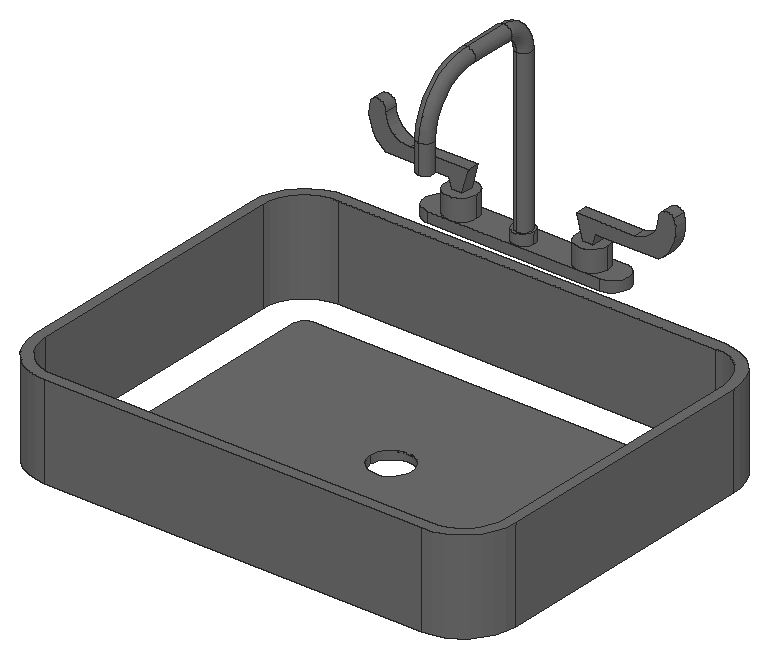
Revit family "API_MY_KITCHEN SINK_content", category Plumbing Fixtures, host Face, Revit 2025
Family settings
  Host = Face
  Round Connector Dimension = Use Diameter
  Part Type = Normal
  Enable Cutting in Views = No
  Cut with Voids When Loaded = No
  Maintain Annotation Orientation = No
  Shared = No
  Room Calculation Point = No
Parameters (values of type "MY_KITCHEN SINK_content")
  VOID_W = 1' - 11"
  VOID_D = 1' - 7.92206"
  Sink Material = Metal - Steel, Polished
  Keynote = "P-6A"
  Default Elevation = 4' - 0"
Reference planes (in)
  plane 1 "Center (Front/Back)": y = 0
  plane 2: z = 0
  plane 3 "Center (Left/Right)": x = 0
  plane 4: y = 9.96103
  plane 5: y = -9.96103
  plane 6: x = 11.5
  plane 7: x = -11.5
Forms (in)
  Extrusion 1, void
    sketch origin (0, 0, 0) x (1, 0, 0) y (0, 1, 0)
      loop
        arc (-9, 8) -> (-10.41421, 7.41421) -> (-11, 6) r 2
        line (-11, 6) -> (-11, -7)
        arc (-11, -7) -> (-10.41421, -8.41421) -> (-9, -9) r 2
        line (-9, -9) -> (9, -9)
        arc (9, -9) -> (10.41421, -8.41421) -> (11, -7) r 2
        line (11, -7) -> (11, 6)
        arc (11, 6) -> (10.41421, 7.41421) -> (9, 8) r 2
        line (9, 8) -> (-9, 8)
    from -5.18147 to 0
  Extrusion 2, solid, material "Metal - Steel, Polished" <- "Sink Material"
    sketch origin (0, 0, 0) x (1, 0, 0) y (0, 1, 0)
      loop
        arc (-9, 8) -> (-10.41421, 7.41421) -> (-11, 6) r 2
        line (-11, 6) -> (-11, -7)
        arc (-11, -7) -> (-10.41421, -8.41421) -> (-9, -9) r 2
        line (-9, -9) -> (9, -9)
        arc (9, -9) -> (10.41421, -8.41421) -> (11, -7) r 2
        line (11, -7) -> (11, 6)
        arc (11, 6) -> (10.41421, 7.41421) -> (9, 8) r 2
        line (9, 8) -> (-9, 8)
      loop
        arc (-9, 8.5) -> (-10.76777, 7.76777) -> (-11.5, 6) r 2.5
        line (-11.5, 6) -> (-11.5, -7)
        arc (-11.5, -7) -> (-10.76777, -8.76777) -> (-9, -9.5) r 2.5
        line (-9, -9.5) -> (9, -9.5)
        arc (9, -9.5) -> (10.76777, -8.76777) -> (11.5, -7) r 2.5
        line (11.5, -7) -> (11.5, 6)
        arc (11.5, 6) -> (10.76777, 7.76777) -> (9, 8.5) r 2.5
        line (9, 8.5) -> (-9, 8.5)
    from -5.01221 to -0.58103
Dimensions and locks (in)
  equal spacing: plane 7, plane 3 "Center (Left/Right)", plane 6
  equal spacing: plane 4, plane 1 "Center (Front/Back)", plane 5
  "VOID_W": plane 7 to plane 6
  "VOID_D": plane 4 to plane 5
  aligned and locked: plane 2 to host face
  aligned and locked: level to host face
  aligned and locked: plane 3 "Center (Left/Right)" to nested 1
  aligned and locked: plane 1 "Center (Front/Back)" to nested 1
  aligned and locked: nested 1 to level
Automatic sketch dimensions
  host sketch curve to host sketch curve = 8' - 0"  (x2)
  Extrusion 1 sketch curve to plane 7 = 0' - 2 1/2"
  Extrusion 1 sketch curve to plane 4 = 0' - 3.96103"
  Extrusion 1 sketch curve to plane 7 = 0' - 0 1/2"
  Extrusion 1 sketch curve to Extrusion 1 sketch curve = 0' - 2"  (x3)
  plane 6 to Extrusion 1 sketch curve = 0' - 2 1/2"
  plane 5 to Extrusion 1 sketch curve = 0' - 0.96103"
  Extrusion 2 sketch curve to plane 7 = 0' - 2 1/2"
  Extrusion 2 sketch curve to plane 4 = 0' - 3.96103"
  Extrusion 2 sketch curve to plane 7 = 0' - 0 1/2"
  plane 5 to Extrusion 2 sketch curve = 0' - 2.96103"
  Extrusion 2 sketch curve to Extrusion 2 sketch curve = 0' - 2"  (x3)
  plane 6 to Extrusion 2 sketch curve = 0' - 2 1/2"
  Extrusion 2 sketch curve to Extrusion 2 sketch curve = 0' - 0"  (x7)
  Extrusion 2 sketch curve to Extrusion 2 sketch curve = 0' - 0 1/2"
Nested families (in)
  nested 1: "USPS_Sink_Kitchen_Single" at (-0.61769, -0.09234, -36), type "25" x 21""
  nested 2: "Gooseneck_Faucet" at (-0.61769, 1.65766, -36), type "Gooseneck w/ wristblades"
Definition of nested family "USPS_Sink_Kitchen_Single"
  Parameters (values of type "25" x 21"")
    Description = "SINGLE BOWL SINK w/ GARBAGE DISPOSAL"
    Default Elevation = 0' - 0"
    Assembly Code = "D2010410"
    Counter Height = 3' - 0"
    Depth = 1' - 9"
    Faucet Material = none
    Sink Material = none
    Width = 2' - 1"
  Reference planes (in)
    plane 1 "Center (Front/Back)": y = 0.09234
    plane 2: z = 0
    plane 3 "Center (Left/Right)": x = 0.61769
    plane 4: y = 10.59234
    plane 5: y = -10.40766
    plane 6: x = -11.88231
    plane 7: x = 13.11769
    plane 8 "Top Of Counter": z = 36
    plane 9: z = 36.5
    plane 10: z = 27.5
    plane 11: y = 8.09234
    plane 12: x = -10.38231
    plane 13: y = -8.90766
    plane 14: x = 11.61769
    plane 15: z = 39
    plane 16: z = 37.5
  Forms (in)
    Extrusion 1, solid, material <- "Sink Material", not visible
      sketch origin (0, 0, 0) x (1, 0, 0) y (0, 1, 0)
        loop
          line (-11.88231, 10.59234) -> (-11.88231, -10.40766) -> (13.11769, -10.40766) -> (13.11769, 10.59234) -> (-11.88231, 10.59234)
        loop
          arc (-8.38231, 8.09234) -> (-9.79653, 7.50655) -> (-10.38231, 6.09234) r 2
          line (-10.38231, 6.09234) -> (-10.38231, -6.90766)
          arc (-10.38231, -6.90766) -> (-9.79653, -8.32187) -> (-8.38231, -8.90766) r 2
          line (-8.38231, -8.90766) -> (9.61769, -8.90766)
          arc (9.61769, -8.90766) -> (11.0319, -8.32187) -> (11.61769, -6.90766) r 2
          line (11.61769, -6.90766) -> (11.61769, 6.09234)
          arc (11.61769, 6.09234) -> (11.0319, 7.50655) -> (9.61769, 8.09234) r 2
          line (9.61769, 8.09234) -> (-8.38231, 8.09234)
      from 36 to 36.5
    Sweep 2, solid, material <- "Sink Material", not visible
      path origin (0, 0, 0) x (1, 0, 0) y (0, 1, 0)
        loop
          arc (-8.38231, 8.09234) -> (-9.79653, 7.50655) -> (-10.38231, 6.09234) r 2
          line (-10.38231, 6.09234) -> (-10.38231, -6.90766)
          arc (-10.38231, -6.90766) -> (-9.79653, -8.32187) -> (-8.38231, -8.90766) r 2
          line (-8.38231, -8.90766) -> (9.61769, -8.90766)
          arc (9.61769, -8.90766) -> (11.0319, -8.32187) -> (11.61769, -6.90766) r 2
          line (11.61769, -6.90766) -> (11.61769, 6.09234)
          arc (11.61769, 6.09234) -> (11.0319, 7.50655) -> (9.61769, 8.09234) r 2
          line (9.61769, 8.09234) -> (-8.38231, 8.09234)
      profile origin (0.61769, 0, 0) x (0, 1, 0) y (0, 0, 1)
        loop
          line (8.09234, 36) -> (7.44139, 28.55963)
          arc (7.44139, 28.55963) -> (7.20094, 28.07204) -> (6.69424, 27.875) r 0.75
          line (6.69424, 27.875) -> (6.59234, 27.875) -> (6.59234, 27.5) -> (8.34234, 27.5) -> (8.34234, 36) -> (8.09234, 36)
    Extrusion 3, solid, material <- "Sink Material"
      sketch origin (0, 0, 3) x (1, 0, 0) y (0, 1, 0)
        loop
          arc (-8.38231, 6.59234) -> (-8.73587, 6.44589) -> (-8.88231, 6.09234) r 0.5
          line (-8.88231, 6.09234) -> (-8.88231, -6.90766)
          arc (-8.88231, -6.90766) -> (-8.73587, -7.26121) -> (-8.38231, -7.40766) r 0.5
          line (-8.38231, -7.40766) -> (9.61769, -7.40766)
          arc (9.61769, -7.40766) -> (9.97124, -7.26121) -> (10.11769, -6.90766) r 0.5
          line (10.11769, -6.90766) -> (10.11769, 6.09234)
          arc (10.11769, 6.09234) -> (9.97124, 6.44589) -> (9.61769, 6.59234) r 0.5
          line (9.61769, 6.59234) -> (-8.38231, 6.59234)
        loop
          circle (0.61769, 0) r 1
      from 27.5 to 27.875
  Cuts and joins
    joined: Extrusion 1, Sweep 2
  Lines and regions (in)
    Masking region 1
      outline origin (0, 0, 36) x (0, -1, 0) y (1, 0, 0)
        loop
          line (-10.59234, -11.88231) -> (10.40766, -11.88231) -> (10.40766, 13.11769) -> (-10.59234, 13.11769) -> (-10.59234, -11.88231)
    symbolic lines
      curve 1: arc (1.61769, 0, 36) -> (0.61769, 1, 36) -> (-0.38231, 0, 36) r 1
      curve 2: arc (-0.38231, 0, 36) -> (0.61769, -1, 36) -> (1.61769, 0, 36) r 1
      curve 3: line (-10.38231, 6.09234, 36) -> (-10.38231, -6.90766, 36)
      curve 4: line (-8.38231, -8.90766, 36) -> (9.61769, -8.90766, 36)
      curve 5: line (11.61769, -6.90766, 36) -> (11.61769, 6.09234, 36)
      curve 6: line (9.61769, 8.09234, 36) -> (1.11769, 8.09234, 36)
      curve 7: arc (11.61769, 6.09234, 36) -> (11.0319, 7.50655, 36) -> (9.61769, 8.09234, 36) r 2
      curve 8: arc (9.61769, -8.90766, 36) -> (11.0319, -8.32187, 36) -> (11.61769, -6.90766, 36) r 2
      curve 9: arc (-10.38231, -6.90766, 36) -> (-9.79653, -8.32187, 36) -> (-8.38231, -8.90766, 36) r 2
      curve 10: arc (-8.38231, 8.09234, 36) -> (-9.79653, 7.50655, 36) -> (-10.38231, 6.09234, 36) r 2
      curve 11: arc (1.11769, 8.34234, 36) -> (0.61769, 8.84234, 36) -> (0.11769, 8.34234, 36) r 0.5
      curve 12: line (0.11769, 8.34234, 36) -> (0.11769, 2.09234, 36)
      curve 13: line (1.11769, 8.34234, 36) -> (1.11769, 2.09234, 36)
      curve 14: arc (1.11769, 2.09234, 36) -> (0.61769, 1.59234, 36) -> (0.11769, 2.09234, 36) r 0.5
      curve 15: line (0.11769, 8.09234, 36) -> (-8.38231, 8.09234, 36)
      curve 16: line (-10.63231, 0.09234, 36) -> (11.86769, 0.09234, 36)
      curve 17: line (-10.63231, 0.09234, 29.25) -> (-10.63231, 0.09234, 36)
      curve 18: line (11.86769, 0.09234, 29.25) -> (-10.63231, 0.09234, 29.25)
      curve 19: line (11.86769, 0.09234, 36) -> (11.86769, 0.09234, 29.25)
      curve 20: line (-11.88231, 0.09234, 36.5) -> (13.11769, 0.09234, 36.5)
      curve 21: line (-11.88231, 0.09234, 36) -> (-11.88231, 0.09234, 36.5)
      curve 22: line (13.11769, 0.09234, 36) -> (-11.88231, 0.09234, 36)
      curve 23: line (13.11769, 0.09234, 36.5) -> (13.11769, 0.09234, 36)
      curve 24: line (-1.0034, 0.09234, 28.13425) -> (2.2466, 0.09234, 28.13425)
      curve 25: line (-1.0034, 0.09234, 22.88425) -> (-1.0034, 0.09234, 28.13425)
      curve 26: line (2.2466, 0.09234, 22.88425) -> (-1.0034, 0.09234, 22.88425)
      curve 27: line (2.2466, 0.09234, 28.13425) -> (2.2466, 0.09234, 22.88425)
      curve 28: line (-1.0034, 0.09234, 28.13425) -> (-0.22214, 0.09234, 29.25)
      curve 29: line (2.23877, 0.09234, 28.13425) -> (1.45752, 0.09234, 29.25)
  Dimensions and locks (in)
    equal spacing: plane 6, plane 3 "Center (Left/Right)", plane 7
    "Width": plane 6 to plane 7
    equal spacing: plane 5, plane 1 "Center (Front/Back)", plane 4
    "Depth": plane 5 to plane 4
    "Counter Height": plane 8 "Top Of Counter" to plane 2
    locked: plane 9 to plane 8 "Top Of Counter" at 0.5
    locked: plane 8 "Top Of Counter" to plane 10 at 8.5
    locked: plane 6 to plane 12 at 1.5
    locked: plane 14 to plane 7 at 1.5
    locked: plane 11 to plane 4 at 2.5
    locked: plane 5 to plane 13 at 1.5
    locked: plane 15 to plane 9 at 2.5
    locked: plane 16 to plane 9 at 1
    aligned and locked: Extrusion 1 sketch curve to plane 5
    aligned and locked: plane 7 to Extrusion 1 sketch curve
    aligned and locked: plane 4 to Extrusion 1 sketch curve
    aligned and locked: Extrusion 1 sketch curve to plane 6
    aligned and locked: plane 8 "Top Of Counter" to Extrusion 1
    aligned and locked: Extrusion 1 to plane 9
    aligned and locked: plane 11 to Extrusion 1 sketch curve
    aligned and locked: plane 14 to Extrusion 1 sketch curve
    aligned and locked: Extrusion 1 sketch curve to plane 12
    aligned and locked: Extrusion 1 sketch curve to plane 13
    aligned and locked: plane 11 to Sweep 2 sketch curve
    aligned and locked: plane 14 to Sweep 2 sketch curve
    aligned and locked: Sweep 2 sketch curve to plane 12
    aligned and locked: Sweep 2 sketch curve to plane 13
    aligned and locked: Sweep 2 sketch curve to plane 10
    aligned and locked: plane 8 "Top Of Counter" to Sweep 2 sketch curve
    aligned and locked: plane 4 to Masking region 1 sketch curve
    aligned and locked: Masking region 1 sketch curve to plane 6
    aligned and locked: Masking region 1 sketch curve to plane 5
    aligned and locked: plane 7 to Masking region 1 sketch curve
    aligned and locked: nested 1 to plane 9
    aligned and locked: plane 3 "Center (Left/Right)" to nested 1
  Automatic sketch dimensions
    Extrusion 1 sketch curve to plane 12 = 0' - 2"
    Extrusion 1 sketch curve to Extrusion 1 sketch curve = 0' - 2"
    plane 14 to Extrusion 1 sketch curve = 0' - 2"  (x2)
    Sweep 2 sketch curve to plane 12 = 0' - 2"
    Sweep 2 sketch curve to Sweep 2 sketch curve = 0' - 2"
    plane 14 to Sweep 2 sketch curve = 0' - 2"  (x2)
    Sweep 2 sketch curve to profile plane = 0' - 0"
    profile plane to Sweep 2 sketch curve = 0' - 0.65095"
    Sweep 2 sketch curve to Sweep 2 sketch curve = 0' - 0.74715"
    Sweep 2 sketch curve to Sweep 2 sketch curve = 0' - 0.10191"
    Sweep 2 sketch curve to Sweep 2 sketch curve = 0' - 0 1/4"
    Sweep 2 sketch curve to Sweep 2 sketch curve = 0' - 0 3/8"
    Sweep 2 sketch curve to Sweep 2 sketch curve = 0' - 0.68463"
    curve 1 to curve 2 = 0' - 0"  (x2)
    curve 11 to plane 3 "Center (Left/Right)" = 0' - 0"
    plane 11 to curve 10 = 0' - 0"
    plane 11 to curve 7 = 0' - 0"
    curve 5 to plane 14 = 0' - 0"
    curve 10 to plane 12 = 0' - 0"
    curve 2 to plane 3 "Center (Left/Right)" = 0' - 0"
    plane 13 to curve 4 = 0' - 0"
    curve 12 to curve 15 = 0' - 0 1/4"
    plane 11 to curve 5 = 0' - 2"
    plane 11 to curve 10 = 0' - 2"
    plane 3 "Center (Left/Right)" to curve 13 = 0' - 0 1/2"
    curve 13 to plane 1 "Center (Front/Back)" = 0' - 2"
    plane 1 "Center (Front/Back)" to curve 2 = 0' - 0.09234"
    curve 5 to plane 13 = 0' - 2"
    curve 9 to curve 4 = 0' - 2"
    curve 1 to plane 3 "Center (Left/Right)" = 0' - 1"
    plane 6 to curve 21 = 0' - 0"
    curve 17 to plane 8 "Top Of Counter" = 0' - 0"
    plane 7 to curve 22 = 0' - 0"
    curve 22 to plane 8 "Top Of Counter" = 0' - 0"
    curve 20 to plane 9 = 0' - 0"
    plane 12 to curve 18 = 0' - 0 1/4"
    curve 25 to plane 3 "Center (Left/Right)" = 0' - 1 159/256"
    curve 27 to plane 10 = 0' - 0.63425"
    plane 3 "Center (Left/Right)" to curve 27 = 0' - 1 161/256"
    curve 19 to plane 14 = 0' - 0 1/4"
    plane 10 to curve 27 = 0' - 4.61575"
    curve 18 to plane 10 = 0' - 1 3/4"
    curve 28 to plane 3 "Center (Left/Right)" = 0' - 0 215/256"
    plane 3 "Center (Left/Right)" to curve 29 = 0' - 0 215/256"
    curve 29 to curve 24 = 0' - 0.00783"
    Extrusion 3 sketch curve to Extrusion 3 sketch curve = 0' - 0"  (x2)
    Extrusion 3 sketch curve to plane 3 "Center (Left/Right)" = 0' - 0"
    Extrusion 3 sketch curve to plane 12 = 0' - 2"  (x2)
    Extrusion 3 sketch curve to Extrusion 3 sketch curve = 0' - 0 1/2"  (x2)
    plane 14 to Extrusion 3 sketch curve = 0' - 2"  (x2)
    Extrusion 3 sketch curve to plane 13 = 0' - 1 1/2"
    plane 1 "Center (Front/Back)" to Extrusion 3 sketch curve = 0' - 0.09234"
    plane 11 to Extrusion 3 sketch curve = 0' - 2"
    Extrusion 3 sketch curve to plane 3 "Center (Left/Right)" = 0' - 1"
  Nested families (in)
    nested 1: "Gooseneck_Faucet" at (0, 1.75, 0), type "Gooseneck w/ wristblades"
  Definition of nested family "Gooseneck_Faucet"
    Parameters (values of type "Gooseneck w/ wristblades")
      Offsets = 0' - 3 1/8"
      Default Elevation = 0' - 0"
      Assembly Code = "D2010400"
      Counter Height = 3' - 0"
      Depth = 1' - 6"
      Faucet Material = none
      Width = 1' - 8"
    Reference planes (in)
      plane 1 "Center (Front/Back)": y = -1.90766
      plane 2: z = 0
      plane 3 "Center (Left/Right)": x = 0.61769
      plane 4 "Back": y = 7.09234
      plane 5 "Bottom": y = -10.90766
      plane 6 "Left": x = -9.38231
      plane 7 "Right": x = 10.61769
      plane 8 "Top Of Counter": z = 36
      plane 9: z = 36.5
      plane 10: z = 27.5
      plane 11: x = -3.38231
      plane 12: x = 4.61769
      plane 13: y = 6.15484
      plane 14: y = 6.15484
      plane 15: y = 6.15484
      plane 16: z = 46.375
      plane 17: y = 0.27984
      plane 18: z = 38
      plane 19: z = 37.5
      plane 20: y = 6.34234
      plane 21: x = -2.50731
      plane 22: x = 3.74269
      plane 23: z = 37
    Forms (in)
      Extrusion 1, solid, material <- "Faucet Material"
        sketch origin (0, -0.69129, 0) x (1, 0, 0) y (0, 1, 0)
          loop
            circle (-2.50731, 7.03363) r 0.75
          loop
            circle (3.74269, 7.03363) r 0.75
        from 37 to 38
      Sweep 2, solid, material <- "Faucet Material"
        path origin (0.61769, 0, 0) x (0, 1, 0) y (0, 0, 1)
          loop
            line (6.15484, 36.5) -> (6.15484, 45.1875)
            arc (6.15484, 45.1875) -> (5.80703, 46.02719) -> (4.96734, 46.375) r 1.1875
            line (4.96734, 46.375) -> (2.77984, 46.375)
            arc (2.77984, 46.375) -> (1.01207, 45.64277) -> (0.27984, 43.875) r 2.5
            line (0.27984, 43.875) -> (0.27984, 42.5)
        profile origin (0.61769, 0, 40.84375) x (0, -1, 0) y (1, 0, 0)
          loop
            circle (-6.15484, 0) r 0.375
      Extrusion 3, solid, material <- "Faucet Material"
        sketch origin (0, 0, 0) x (1, 0, 0) y (0, 1, 0)
          loop
            circle (0.61769, 6.15484) r 0.5
        from 37 to 37.5
      Extrusion 4, solid, material <- "Faucet Material"
        sketch origin (0, 0, 0) x (1, 0, 0) y (0, 1, 0)
          loop
            arc (-3.50731, 7.09311) -> (-4.25731, 6.34311) -> (-3.50731, 5.59311) r 0.75
            line (-3.50731, 5.59311) -> (4.72668, 5.59311)
            arc (4.72668, 5.59311) -> (5.47668, 6.34311) -> (4.72668, 7.09311) r 0.75
            line (4.72668, 7.09311) -> (-3.50731, 7.09311)
        from 37 to 36.5
      Extrusion 5, solid, material <- "Faucet Material"
        sketch origin (-3.50731, 5.59311, 37) x (0, 0, -1) y (1, 0, 0)
          loop
            line (-1, 1.25) -> (-2.09093, 1.54231) -> (-2.09093, -1.24118)
            arc (-2.09093, -1.24118) -> (-2.42431, -2.04603) -> (-3.22915, -2.37941) r 1.13823
            arc (-3.22915, -2.37941) -> (-3.6126, -2.66023) -> (-3.46058, -3.11054) r 0.40219
            arc (-3.46058, -3.11054) -> (-2.35034, -3.09258) -> (-1.48296, -2.39932) r 1.71807
            line (-1.48296, -2.39932) -> (-1.48296, 0.62059) -> (-1, 0.75) -> (-1, 1.25)
        from -1.06537 to -0.49567
      Extrusion 6, solid, material <- "Faucet Material"
        sketch origin (10.49269, 5.59311, 37) x (0, 0, -1) y (1, 0, 0)
          loop
            line (-1, -7) -> (-1, -6.5) -> (-1.48296, -6.37059) -> (-1.48296, -3.35068)
            arc (-1.48296, -3.35068) -> (-2.35034, -2.65742) -> (-3.46058, -2.63946) r 1.71807
            arc (-3.46058, -2.63946) -> (-3.6126, -3.08977) -> (-3.22915, -3.37059) r 0.40219
            arc (-3.22915, -3.37059) -> (-2.42431, -3.70397) -> (-2.09093, -4.50882) r 1.13823
            line (-2.09093, -4.50882) -> (-2.09093, -7.29231) -> (-1, -7)
        from -1.06537 to -0.49567
    Cuts and joins
      joined: Sweep 2, Extrusion 3, Extrusion 4
    Lines and regions (in)
      symbolic lines
        curve 1: arc (1.11769, 6.32853, 36) -> (0.61769, 6.82853, 36) -> (0.11769, 6.32853, 36) r 0.5
        curve 2: line (0.11769, 6.32853, 36) -> (0.11769, 0.21518, 36)
        curve 3: line (1.11769, 6.32853, 36) -> (1.11769, 0.21518, 36)
        curve 4: arc (1.11769, 0.21518, 36) -> (0.61769, -0.28482, 36) -> (0.11769, 0.21518, 36) r 0.5
        curve 5: arc (4.49269, 6.34234, 36) -> (3.74269, 7.09234, 36) -> (2.99269, 6.34234, 36) r 0.75
        curve 6: arc (4.49269, 6.34234, 36) -> (3.74269, 5.59234, 36) -> (2.99269, 6.34234, 36) r 0.75
        curve 7: arc (-1.75731, 6.34234, 36) -> (-2.50731, 7.09234, 36) -> (-3.25731, 6.34234, 36) r 0.75
        curve 8: arc (-3.25731, 6.34234, 36) -> (-2.50731, 5.59234, 36) -> (-1.75731, 6.34234, 36) r 0.75
        curve 9: line (-3.50731, 5.59234, 36) -> (0.11769, 5.59234, 36)
        curve 10: arc (4.74269, 5.59234, 36) -> (5.49269, 6.34234, 36) -> (4.74269, 7.09234, 36) r 0.75
        curve 11: arc (-3.50731, 7.09234, 36) -> (-4.25731, 6.34234, 36) -> (-3.50731, 5.59234, 36) r 0.75
        curve 12: line (4.74269, 7.09234, 36) -> (-3.50731, 7.09234, 36)
        curve 13: line (1.11769, 5.59234, 36) -> (4.74269, 5.59234, 36)
        curve 14: arc (1.36769, 6.34234, 36) -> (0.61769, 7.09234, 36) -> (-0.13231, 6.34234, 36) r 0.75
        curve 15: arc (-0.13231, 6.34234, 36) -> (0.61769, 5.59234, 36) -> (1.36769, 6.34234, 36) r 0.75
    Dimensions and locks (in)
      equal spacing: plane 6 "Left", plane 3 "Center (Left/Right)", plane 7 "Right"
      "Width": plane 6 "Left" to plane 7 "Right"
      "Depth": plane 5 "Bottom" to plane 4 "Back"
      "Counter Height": plane 8 "Top Of Counter" to plane 2
      locked: plane 9 to plane 8 "Top Of Counter" at 0.5
      locked: plane 8 "Top Of Counter" to plane 10 at 8.5
      plane 13 to plane 4 "Back" = 0' - 0 15/16"
      plane 14 to plane 4 "Back" = 0' - 0 15/16"
      plane 4 "Back" to plane 15 = 0' - 0 15/16"
      locked: plane 15 to plane 17 at 5.875
      locked: plane 16 to plane 9 at 9.875
      locked: plane 18 to plane 9 at 1.5
      locked: plane 19 to plane 9 at 1
      plane 20 to plane 4 "Back" = 0' - 0 3/4"
      "Offsets": plane 21 to plane 3 "Center (Left/Right)"
      "Offsets": plane 3 "Center (Left/Right)" to plane 22
      locked: plane 23 to plane 9 at 0.5
      equal spacing: plane 5 "Bottom", plane 1 "Center (Front/Back)", plane 4 "Back"
      Extrusion 5 sketch curve to plane 23 = 0' - 3.46058"
      aligned and locked: Sweep 2 sketch curve to plane 15
      aligned and locked: plane 16 to Sweep 2 sketch curve
      aligned and locked: plane 17 to Sweep 2 sketch curve
      aligned and locked: Extrusion 1 to plane 18
      aligned and locked: Extrusion 3 to plane 19
      aligned and locked: plane 9 to Extrusion 4
      aligned and locked: plane 23 to Extrusion 1
      aligned and locked: Extrusion 4 to Extrusion 1
      aligned and locked: Extrusion 1 to Extrusion 3
    Automatic sketch dimensions
      Extrusion 1 sketch curve to Extrusion 1 sketch curve = 0' - 0"  (x4)
      plane 20 to Extrusion 1 sketch curve = 0' - 0"  (x2)
      Extrusion 1 sketch curve to plane 21 = 0' - 0"
      Extrusion 1 sketch curve to plane 22 = 0' - 0"
      Extrusion 1 sketch curve to Extrusion 1 sketch curve = 0' - 0 3/4"  (x2)
      plane 9 to Sweep 2 sketch curve = 0' - 0"
      Sweep 2 sketch curve to plane 16 = 0' - 2 1/2"
      plane 15 to Sweep 2 sketch curve = 0' - 1 3/16"
      Sweep 2 sketch curve to Sweep 2 sketch curve = 0' - 1 3/8"
      Sweep 2 sketch curve to Sweep 2 sketch curve = 0' - 0"  (x2)
      Sweep 2 sketch curve to plane 3 "Center (Left/Right)" = 0' - 0"
      Sweep 2 sketch curve to profile plane = 0' - 0"
      profile plane to Sweep 2 sketch curve = 0' - 0 3/8"
      Extrusion 3 sketch curve to Extrusion 3 sketch curve = 0' - 0"  (x2)
      plane 14 to Extrusion 3 sketch curve = 0' - 0"
      Extrusion 3 sketch curve to plane 3 "Center (Left/Right)" = 0' - 0"
      Extrusion 3 sketch curve to Extrusion 3 sketch curve = 0' - 0 1/2"
      Extrusion 4 sketch curve to plane 4 "Back" = 0' - 0.00077"
      plane 21 to Extrusion 4 sketch curve = 0' - 1"
      Extrusion 4 sketch curve to plane 22 = 0' - 0.98399"
      Extrusion 4 sketch curve to plane 20 = 0' - 0.00077"
      curve 5 to curve 6 = 0' - 0"  (x2)
      curve 7 to curve 8 = 0' - 0"  (x2)
      curve 14 to curve 15 = 0' - 0"  (x2)
      plane 4 "Back" to curve 10 = 0' - 0"
      curve 14 to plane 3 "Center (Left/Right)" = 0' - 0"
      plane 20 to curve 14 = 0' - 0"
      plane 20 to curve 11 = 0' - 0"
      plane 20 to curve 5 = 0' - 0"
      plane 20 to curve 7 = 0' - 0"
      plane 20 to curve 10 = 0' - 0"
      curve 1 to plane 3 "Center (Left/Right)" = 0' - 0"
      curve 8 to plane 21 = 0' - 0"
      curve 6 to plane 22 = 0' - 0"
      plane 20 to curve 3 = 0' - 0.0138"
      curve 4 to plane 1 "Center (Front/Back)" = 0' - 2.12284"
      plane 21 to curve 7 = 0' - 0 3/4"
      curve 11 to curve 8 = 0' - 0 1/4"
      curve 14 to curve 14 = 0' - 0 3/4"
      curve 9 to plane 3 "Center (Left/Right)" = 0' - 0 1/2"
      plane 22 to curve 5 = 0' - 0 3/4"
      curve 5 to curve 10 = 0' - 0 1/4"
      Extrusion 5 sketch curve to Extrusion 5 sketch curve = 0' - 0.23143"
      Extrusion 5 sketch curve to Extrusion 5 sketch curve = 0' - 0.29739"
      Extrusion 5 sketch curve to Extrusion 4 = 0' - 2.09093"
      Extrusion 5 sketch curve to Extrusion 5 sketch curve = 0' - 0.60796"
      Extrusion 5 sketch curve to Extrusion 5 sketch curve = 0' - 0.48296"
      Extrusion 4 to Extrusion 5 sketch curve = 0' - 3.11054"
      Extrusion 5 sketch curve to Extrusion 5 sketch curve = 0' - 0.32894"
      Extrusion 5 sketch curve to Extrusion 5 sketch curve = 0' - 0.01991"
      Extrusion 5 sketch curve to Extrusion 5 sketch curve = 0' - 0"
      Extrusion 5 sketch curve to Extrusion 4 = 0' - 0.62059"
      Extrusion 5 sketch curve to Extrusion 5 sketch curve = 0' - 0.12941"
      Extrusion 5 sketch curve to Extrusion 5 sketch curve = 0' - 0 1/2"
      Extrusion 5 sketch curve to Extrusion 5 sketch curve = 0' - 0.92172"
      Extrusion 6 sketch curve to Extrusion 4 = 0' - 3.46058"
      Extrusion 6 sketch curve to Extrusion 6 sketch curve = 0' - 0.23143"
      Extrusion 6 sketch curve to Extrusion 6 sketch curve = 0' - 0.29739"
      Extrusion 6 sketch curve to Extrusion 4 = 0' - 2.09093"
      Extrusion 6 sketch curve to Extrusion 6 sketch curve = 0' - 0.60796"
      Extrusion 6 sketch curve to Extrusion 6 sketch curve = 0' - 0.48296"
      Extrusion 4 to Extrusion 6 sketch curve = 0' - 1.52631"
      Extrusion 6 sketch curve to Extrusion 6 sketch curve = 0' - 0.29231"
      Extrusion 6 sketch curve to Extrusion 6 sketch curve = 0' - 0 1/2"
      Extrusion 6 sketch curve to Extrusion 6 sketch curve = 0' - 0.12941"
      Extrusion 6 sketch curve to Extrusion 4 = 0' - 1.25719"
      Extrusion 6 sketch curve to Extrusion 6 sketch curve = 0' - 0.2347"
      Extrusion 6 sketch curve to Extrusion 6 sketch curve = 0' - 0"
      Extrusion 6 sketch curve to Extrusion 6 sketch curve = 0' - 1.15814"
Definition of nested family "Gooseneck_Faucet"
  Parameters (values of type "Gooseneck w/ wristblades")
    Offsets = 0' - 3 1/8"
    Default Elevation = 0' - 0"
    Assembly Code = "D2010400"
    Counter Height = 3' - 0"
    Depth = 1' - 6"
    Faucet Material = none
    Width = 1' - 8"
  Reference planes (in)
    plane 1 "Center (Front/Back)": y = -1.90766
    plane 2: z = 0
    plane 3 "Center (Left/Right)": x = 0.61769
    plane 4 "Back": y = 7.09234
    plane 5 "Bottom": y = -10.90766
    plane 6 "Left": x = -9.38231
    plane 7 "Right": x = 10.61769
    plane 8 "Top Of Counter": z = 36
    plane 9: z = 36.5
    plane 10: z = 27.5
    plane 11: x = -3.38231
    plane 12: x = 4.61769
    plane 13: y = 6.15484
    plane 14: y = 6.15484
    plane 15: y = 6.15484
    plane 16: z = 46.375
    plane 17: y = 0.27984
    plane 18: z = 38
    plane 19: z = 37.5
    plane 20: y = 6.34234
    plane 21: x = -2.50731
    plane 22: x = 3.74269
    plane 23: z = 37
  Forms (in)
    Extrusion 1, solid, material <- "Faucet Material"
      sketch origin (0, -0.69129, 0) x (1, 0, 0) y (0, 1, 0)
        loop
          circle (-2.50731, 7.03363) r 0.75
        loop
          circle (3.74269, 7.03363) r 0.75
      from 37 to 38
    Sweep 2, solid, material <- "Faucet Material"
      path origin (0.61769, 0, 0) x (0, 1, 0) y (0, 0, 1)
        loop
          line (6.15484, 36.5) -> (6.15484, 45.1875)
          arc (6.15484, 45.1875) -> (5.80703, 46.02719) -> (4.96734, 46.375) r 1.1875
          line (4.96734, 46.375) -> (2.77984, 46.375)
          arc (2.77984, 46.375) -> (1.01207, 45.64277) -> (0.27984, 43.875) r 2.5
          line (0.27984, 43.875) -> (0.27984, 42.5)
      profile origin (0.61769, 0, 40.84375) x (0, -1, 0) y (1, 0, 0)
        loop
          circle (-6.15484, 0) r 0.375
    Extrusion 3, solid, material <- "Faucet Material"
      sketch origin (0, 0, 0) x (1, 0, 0) y (0, 1, 0)
        loop
          circle (0.61769, 6.15484) r 0.5
      from 37 to 37.5
    Extrusion 4, solid, material <- "Faucet Material"
      sketch origin (0, 0, 0) x (1, 0, 0) y (0, 1, 0)
        loop
          arc (-3.50731, 7.09311) -> (-4.25731, 6.34311) -> (-3.50731, 5.59311) r 0.75
          line (-3.50731, 5.59311) -> (4.72668, 5.59311)
          arc (4.72668, 5.59311) -> (5.47668, 6.34311) -> (4.72668, 7.09311) r 0.75
          line (4.72668, 7.09311) -> (-3.50731, 7.09311)
      from 37 to 36.5
    Extrusion 5, solid, material <- "Faucet Material"
      sketch origin (-3.50731, 5.59311, 37) x (0, 0, -1) y (1, 0, 0)
        loop
          line (-1, 1.25) -> (-2.09093, 1.54231) -> (-2.09093, -1.24118)
          arc (-2.09093, -1.24118) -> (-2.42431, -2.04603) -> (-3.22915, -2.37941) r 1.13823
          arc (-3.22915, -2.37941) -> (-3.6126, -2.66023) -> (-3.46058, -3.11054) r 0.40219
          arc (-3.46058, -3.11054) -> (-2.35034, -3.09258) -> (-1.48296, -2.39932) r 1.71807
          line (-1.48296, -2.39932) -> (-1.48296, 0.62059) -> (-1, 0.75) -> (-1, 1.25)
      from -1.06537 to -0.49567
    Extrusion 6, solid, material <- "Faucet Material"
      sketch origin (10.49269, 5.59311, 37) x (0, 0, -1) y (1, 0, 0)
        loop
          line (-1, -7) -> (-1, -6.5) -> (-1.48296, -6.37059) -> (-1.48296, -3.35068)
          arc (-1.48296, -3.35068) -> (-2.35034, -2.65742) -> (-3.46058, -2.63946) r 1.71807
          arc (-3.46058, -2.63946) -> (-3.6126, -3.08977) -> (-3.22915, -3.37059) r 0.40219
          arc (-3.22915, -3.37059) -> (-2.42431, -3.70397) -> (-2.09093, -4.50882) r 1.13823
          line (-2.09093, -4.50882) -> (-2.09093, -7.29231) -> (-1, -7)
      from -1.06537 to -0.49567
  Cuts and joins
    joined: Sweep 2, Extrusion 3, Extrusion 4
  Lines and regions (in)
    symbolic lines
      curve 1: arc (1.11769, 6.32853, 36) -> (0.61769, 6.82853, 36) -> (0.11769, 6.32853, 36) r 0.5
      curve 2: line (0.11769, 6.32853, 36) -> (0.11769, 0.21518, 36)
      curve 3: line (1.11769, 6.32853, 36) -> (1.11769, 0.21518, 36)
      curve 4: arc (1.11769, 0.21518, 36) -> (0.61769, -0.28482, 36) -> (0.11769, 0.21518, 36) r 0.5
      curve 5: arc (4.49269, 6.34234, 36) -> (3.74269, 7.09234, 36) -> (2.99269, 6.34234, 36) r 0.75
      curve 6: arc (4.49269, 6.34234, 36) -> (3.74269, 5.59234, 36) -> (2.99269, 6.34234, 36) r 0.75
      curve 7: arc (-1.75731, 6.34234, 36) -> (-2.50731, 7.09234, 36) -> (-3.25731, 6.34234, 36) r 0.75
      curve 8: arc (-3.25731, 6.34234, 36) -> (-2.50731, 5.59234, 36) -> (-1.75731, 6.34234, 36) r 0.75
      curve 9: line (-3.50731, 5.59234, 36) -> (0.11769, 5.59234, 36)
      curve 10: arc (4.74269, 5.59234, 36) -> (5.49269, 6.34234, 36) -> (4.74269, 7.09234, 36) r 0.75
      curve 11: arc (-3.50731, 7.09234, 36) -> (-4.25731, 6.34234, 36) -> (-3.50731, 5.59234, 36) r 0.75
      curve 12: line (4.74269, 7.09234, 36) -> (-3.50731, 7.09234, 36)
      curve 13: line (1.11769, 5.59234, 36) -> (4.74269, 5.59234, 36)
      curve 14: arc (1.36769, 6.34234, 36) -> (0.61769, 7.09234, 36) -> (-0.13231, 6.34234, 36) r 0.75
      curve 15: arc (-0.13231, 6.34234, 36) -> (0.61769, 5.59234, 36) -> (1.36769, 6.34234, 36) r 0.75
  Dimensions and locks (in)
    equal spacing: plane 6 "Left", plane 3 "Center (Left/Right)", plane 7 "Right"
    "Width": plane 6 "Left" to plane 7 "Right"
    "Depth": plane 5 "Bottom" to plane 4 "Back"
    "Counter Height": plane 8 "Top Of Counter" to plane 2
    locked: plane 9 to plane 8 "Top Of Counter" at 0.5
    locked: plane 8 "Top Of Counter" to plane 10 at 8.5
    plane 13 to plane 4 "Back" = 0' - 0 15/16"
    plane 14 to plane 4 "Back" = 0' - 0 15/16"
    plane 4 "Back" to plane 15 = 0' - 0 15/16"
    locked: plane 15 to plane 17 at 5.875
    locked: plane 16 to plane 9 at 9.875
    locked: plane 18 to plane 9 at 1.5
    locked: plane 19 to plane 9 at 1
    plane 20 to plane 4 "Back" = 0' - 0 3/4"
    "Offsets": plane 21 to plane 3 "Center (Left/Right)"
    "Offsets": plane 3 "Center (Left/Right)" to plane 22
    locked: plane 23 to plane 9 at 0.5
    equal spacing: plane 5 "Bottom", plane 1 "Center (Front/Back)", plane 4 "Back"
    Extrusion 5 sketch curve to plane 23 = 0' - 3.46058"
    aligned and locked: Sweep 2 sketch curve to plane 15
    aligned and locked: plane 16 to Sweep 2 sketch curve
    aligned and locked: plane 17 to Sweep 2 sketch curve
    aligned and locked: Extrusion 1 to plane 18
    aligned and locked: Extrusion 3 to plane 19
    aligned and locked: plane 9 to Extrusion 4
    aligned and locked: plane 23 to Extrusion 1
    aligned and locked: Extrusion 4 to Extrusion 1
    aligned and locked: Extrusion 1 to Extrusion 3
  Automatic sketch dimensions
    Extrusion 1 sketch curve to Extrusion 1 sketch curve = 0' - 0"  (x4)
    plane 20 to Extrusion 1 sketch curve = 0' - 0"  (x2)
    Extrusion 1 sketch curve to plane 21 = 0' - 0"
    Extrusion 1 sketch curve to plane 22 = 0' - 0"
    Extrusion 1 sketch curve to Extrusion 1 sketch curve = 0' - 0 3/4"  (x2)
    plane 9 to Sweep 2 sketch curve = 0' - 0"
    Sweep 2 sketch curve to plane 16 = 0' - 2 1/2"
    plane 15 to Sweep 2 sketch curve = 0' - 1 3/16"
    Sweep 2 sketch curve to Sweep 2 sketch curve = 0' - 1 3/8"
    Sweep 2 sketch curve to Sweep 2 sketch curve = 0' - 0"  (x2)
    Sweep 2 sketch curve to plane 3 "Center (Left/Right)" = 0' - 0"
    Sweep 2 sketch curve to profile plane = 0' - 0"
    profile plane to Sweep 2 sketch curve = 0' - 0 3/8"
    Extrusion 3 sketch curve to Extrusion 3 sketch curve = 0' - 0"  (x2)
    plane 14 to Extrusion 3 sketch curve = 0' - 0"
    Extrusion 3 sketch curve to plane 3 "Center (Left/Right)" = 0' - 0"
    Extrusion 3 sketch curve to Extrusion 3 sketch curve = 0' - 0 1/2"
    Extrusion 4 sketch curve to plane 4 "Back" = 0' - 0.00077"
    plane 21 to Extrusion 4 sketch curve = 0' - 1"
    Extrusion 4 sketch curve to plane 22 = 0' - 0.98399"
    Extrusion 4 sketch curve to plane 20 = 0' - 0.00077"
    curve 5 to curve 6 = 0' - 0"  (x2)
    curve 7 to curve 8 = 0' - 0"  (x2)
    curve 14 to curve 15 = 0' - 0"  (x2)
    plane 4 "Back" to curve 10 = 0' - 0"
    curve 14 to plane 3 "Center (Left/Right)" = 0' - 0"
    plane 20 to curve 14 = 0' - 0"
    plane 20 to curve 11 = 0' - 0"
    plane 20 to curve 5 = 0' - 0"
    plane 20 to curve 7 = 0' - 0"
    plane 20 to curve 10 = 0' - 0"
    curve 1 to plane 3 "Center (Left/Right)" = 0' - 0"
    curve 8 to plane 21 = 0' - 0"
    curve 6 to plane 22 = 0' - 0"
    plane 20 to curve 3 = 0' - 0.0138"
    curve 4 to plane 1 "Center (Front/Back)" = 0' - 2.12284"
    plane 21 to curve 7 = 0' - 0 3/4"
    curve 11 to curve 8 = 0' - 0 1/4"
    curve 14 to curve 14 = 0' - 0 3/4"
    curve 9 to plane 3 "Center (Left/Right)" = 0' - 0 1/2"
    plane 22 to curve 5 = 0' - 0 3/4"
    curve 5 to curve 10 = 0' - 0 1/4"
    Extrusion 5 sketch curve to Extrusion 5 sketch curve = 0' - 0.23143"
    Extrusion 5 sketch curve to Extrusion 5 sketch curve = 0' - 0.29739"
    Extrusion 5 sketch curve to Extrusion 4 = 0' - 2.09093"
    Extrusion 5 sketch curve to Extrusion 5 sketch curve = 0' - 0.60796"
    Extrusion 5 sketch curve to Extrusion 5 sketch curve = 0' - 0.48296"
    Extrusion 4 to Extrusion 5 sketch curve = 0' - 3.11054"
    Extrusion 5 sketch curve to Extrusion 5 sketch curve = 0' - 0.32894"
    Extrusion 5 sketch curve to Extrusion 5 sketch curve = 0' - 0.01991"
    Extrusion 5 sketch curve to Extrusion 5 sketch curve = 0' - 0"
    Extrusion 5 sketch curve to Extrusion 4 = 0' - 0.62059"
    Extrusion 5 sketch curve to Extrusion 5 sketch curve = 0' - 0.12941"
    Extrusion 5 sketch curve to Extrusion 5 sketch curve = 0' - 0 1/2"
    Extrusion 5 sketch curve to Extrusion 5 sketch curve = 0' - 0.92172"
    Extrusion 6 sketch curve to Extrusion 4 = 0' - 3.46058"
    Extrusion 6 sketch curve to Extrusion 6 sketch curve = 0' - 0.23143"
    Extrusion 6 sketch curve to Extrusion 6 sketch curve = 0' - 0.29739"
    Extrusion 6 sketch curve to Extrusion 4 = 0' - 2.09093"
    Extrusion 6 sketch curve to Extrusion 6 sketch curve = 0' - 0.60796"
    Extrusion 6 sketch curve to Extrusion 6 sketch curve = 0' - 0.48296"
    Extrusion 4 to Extrusion 6 sketch curve = 0' - 1.52631"
    Extrusion 6 sketch curve to Extrusion 6 sketch curve = 0' - 0.29231"
    Extrusion 6 sketch curve to Extrusion 6 sketch curve = 0' - 0 1/2"
    Extrusion 6 sketch curve to Extrusion 6 sketch curve = 0' - 0.12941"
    Extrusion 6 sketch curve to Extrusion 4 = 0' - 1.25719"
    Extrusion 6 sketch curve to Extrusion 6 sketch curve = 0' - 0.2347"
    Extrusion 6 sketch curve to Extrusion 6 sketch curve = 0' - 0"
    Extrusion 6 sketch curve to Extrusion 6 sketch curve = 0' - 1.15814"
